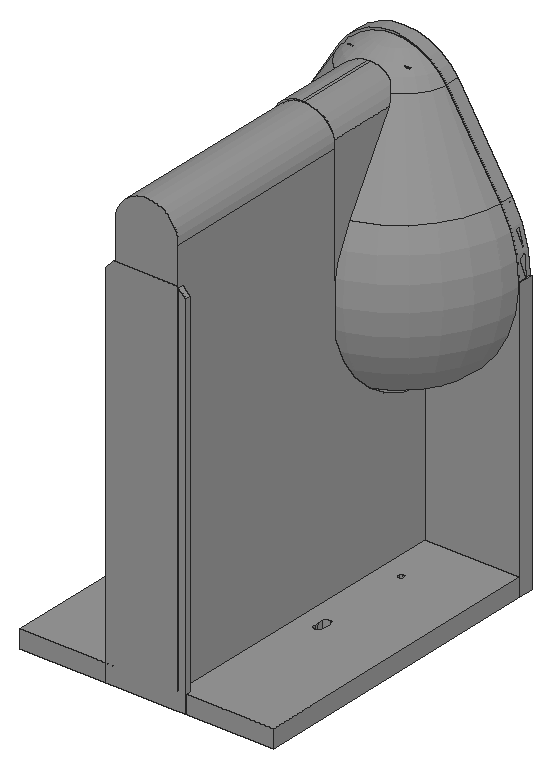
Revit family "Toilet-Willoughby-1490-ASETWS-FM-FA-BS-HC", category Plumbing Fixtures, Revit 2015
Parameters (values of type "Standard")
  Waste DIA = 2 3/8"
  Waste Connection = yes
  W-RAD [instance] = Waste DIA / 2  # 0' - 1 3/16"
  Vent Connection = no
  URL = "https://www.willoughby-ind.com/wp-content/uploads/2018/01/ASETWS-1490-FM-FA.pdf"
  Type Comments = ""
  Revision = "A"
  Model = "ASETWS-1490-FM-FA-BS-HC"
  Manufacturer = "Willoughby Industries"
  HW Connection = no
  Flush inlet DIA = 1 1/2"
  Flush Inlet Connection = yes
  Fixture Body = Stainless Steel AISI 304-Willoughby
  F-RAD [instance] = Flush inlet DIA / 2  # 0' - 0 3/4"
  Description = "Ligature resistant, Wall Outlet, Floor Mounted siphon jet Toilet, Front Access, Back Spud, Handicap Seat Height"
  Default Elevation = 0' - 0"
  Contact Number = "(800) 428-4065"
  CW Connection = no
Reference planes (in)
  plane 1 "Base": y = -16.25
  plane 2: z = 0
  plane 3 "Center": x = 18.31072
  plane 4 "ref": y = -4.75
  plane 5: y = -1.25
  plane 6: z = -6.75
  plane 7: y = -2.125
  plane 8: y = -14.0625
  plane 9: x = 16.56072
  plane 10: x = 20.06072
  plane 11: x = 11.56072
  plane 12: x = 25.06072
  plane 13: z = -3
  plane 14: z = 25
  plane 15 "Waste HGT": y = -10.75
  plane 16: y = -3.125
  plane 17: y = -19.25
Forms (in)
  Extrusion 1, solid, material "Stainless Steel AISI 304-Willoughby" <- "Fixture Body"
    sketch origin (16.08109, 7.47968, -7.1422) x (-1, 0, 0) y (0, 0, -1)
      loop
        line (4.79775, -22.86304) -> (4.83287, -22.86304) -> (4.83287, -7.1422) -> (-2.22963, -7.1422) -> (-9.29213, -7.1422) -> (-9.29213, -22.86304) -> (-9.20225, -22.86304)
        arc (-9.20225, -22.86304) -> (-8.94967, -24.72647) -> (-8.21015, -26.45542) r 7
        line (-8.21015, -26.45542) -> (-5.16818, -31.31054)
        arc (-5.16818, -31.31054) -> (-2.20225, -32.95225) -> (0.76368, -31.31054) r 3.5
        line (0.76368, -31.31054) -> (3.80565, -26.45542)
        arc (3.80565, -26.45542) -> (4.54517, -24.72647) -> (4.79775, -22.86304) r 7
      loop
        arc (2.03989, -24.70557) -> (-2.20225, -18.23804) -> (-6.44438, -24.70557) r 4.625
        line (-6.44438, -24.70557) -> (-4.04125, -30.23842)
        arc (-4.04125, -30.23842) -> (-2.20225, -31.45225) -> (-0.36324, -30.23842) r 2
        line (-0.36324, -30.23842) -> (2.03989, -24.70557)
    from 8.72968 to 9.5
  Revolve 2, solid, material "Stainless Steel AISI 304-Willoughby" <- "Fixture Body"
    sketch origin (19.37246, -1.52032, -3.93826) x (-1, 0, 0) y (0, 0, -1)
      loop
        line (1.06174, -12.59906) -> (1.06174, -12.84906)
        arc (1.06174, -12.84906) -> (6.96784, -16.33096) -> (6.78077, -23.18447) r 6.75
        line (6.78077, -23.18447) -> (3.81535, -27.91457)
        arc (3.81535, -27.91457) -> (2.63527, -29.03194) -> (1.06174, -29.43826) r 3.25
        line (1.06174, -29.43826) -> (1.06174, -29.68826)
        arc (1.06174, -29.68826) -> (2.75672, -29.25045) -> (4.02767, -28.04656) r 3.5
        line (4.02767, -28.04656) -> (7.06964, -23.19143)
        arc (7.06964, -23.19143) -> (7.15052, -16.14555) -> (1.06174, -12.59906) r 7
      axis (1.06174, -12.59906) -> (1.06174, -29.68826)
    angle from 0 to -180
  Extrusion 3, solid, material "Stainless Steel AISI 304-Willoughby" <- "Fixture Body"
    sketch origin (19.53334, -3.02032, -4.9508) x (0, 1, 0) y (0, 0, 1)
      loop
        line (-5.27082, 4.9508) -> (1, 4.9508) -> (1, 13.76086)
        arc (1, 13.76086) -> (-2.93256, 15.26109) -> (-5.27082, 18.76086) r 6.92744
        line (-5.27082, 18.76086) -> (-5.27082, 4.9508)
    from 0.52738 to -2.97262
  Extrusion 4, solid, material "Stainless Steel AISI 304-Willoughby" <- "Fixture Body"
    sketch origin (0, 8.59309, -3) x (1, 0, 0) y (0, 1, 0)
      loop
        circle (18.31072, -19.34309) r 1.1875
    from 5.5 to 0
  Extrusion 5, solid, material "Stainless Steel AISI 304-Willoughby" <- "Fixture Body"
    sketch origin (0, -3.625, 0) x (1, 0, 0) y (0, 1, 0)
      loop
        circle (18.31072, 0.5) r 0.75
    from 0 to 1
  Extrusion 6, solid, material "Stainless Steel AISI 304-Willoughby" <- "Fixture Body"
    sketch origin (0, -16.25, 0) x (1, 0, 0) y (0, 0, 1)
      loop
        line (18.31072, 0) -> (25.37322, 0) -> (25.37322, 1) -> (11.24822, 1) -> (11.24822, 0) -> (18.31072, 0)
    from -14.22968 to 3
  Extrusion 7, solid, material "Stainless Steel AISI 304-Willoughby" <- "Fixture Body"
    sketch origin (0, -16.25, 0) x (1, 0, 0) y (0, 0, 1)
      loop
        line (20.06072, 0) -> (20.06072, 23.28412)
        arc (20.06072, 23.28412) -> (18.31072, 25.03412) -> (16.56072, 23.28412) r 1.75
        line (16.56072, 23.28412) -> (16.56072, 0) -> (20.06072, 0)
    from 3 to -7.95886
  Extrusion 8, solid, material "Stainless Steel AISI 304-Willoughby" <- "Fixture Body"
    sketch origin (-0.06578, -16.25, 7) x (1, 0, 0) y (0, 0, 1)
      loop
        line (20.06072, -7) -> (20.56072, -7) -> (20.56072, 13.75) -> (20.06072, 14.25) -> (16.56072, 14.25) -> (16.06072, 13.75) -> (16.06072, -7) -> (16.56072, -7) -> (20.06072, -7)
    from 3 to 2.73663
  Extrusion 9, solid, material "Stainless Steel AISI 304-Willoughby" <- "Fixture Body"
    sketch origin (18.31072, 0, 0) x (0, 1, 0) y (0, 0, 1)
      loop
        line (-3.0438, 25.03193) -> (-8.29114, 25.03193) -> (-8.29114, 16.73622)
        arc (-8.29114, 16.73622) -> (-8.25839, 17.11069) -> (-8.16113, 17.47379) r 2.15729
        arc (-8.16113, 17.47379) -> (-7.78826, 18.37428) -> (-7.33828, 19.23882) r 11.16687
        arc (-7.33828, 19.23882) -> (-5.85557, 21.70663) -> (-4.28753, 24.12112) r 82.3759
        arc (-4.28753, 24.12112) -> (-3.71235, 24.64027) -> (-3.0438, 25.03193) r 3.79911
    from 1.75 to -1.75
  Extrusion 10, void
    sketch origin (0, -16.25, 0) x (1, 0, 0) y (0, 0, 1)
      loop
        arc (16.43207, 23.28193) -> (16.94463, 24.51936) -> (18.18207, 25.03193) r 1.75
        line (18.18207, 25.03193) -> (16.43207, 25.03193) -> (16.43207, 23.28193)
    from -7.95886 to -13.18331
  Extrusion 11, void
    sketch origin (0, -16.25, 0) x (1, 0, 0) y (0, 0, 1)
      loop
        arc (18.34313, 25.03193) -> (19.49966, 24.59853) -> (20.12234, 23.53193) r 1.84176
        line (20.12234, 23.53193) -> (20.12234, 25.03193) -> (18.34313, 25.03193)
    from -7.95886 to -13.18919
  Extrusion 12, void
    sketch origin (0, 0, 0) x (1, 0, 0) y (0, 1, 0)
      loop
        line (21.06072, -10.75) -> (21.06072, -11)
        arc (21.06072, -11) -> (21.31072, -11.25) -> (21.56072, -11) r 0.25
        line (21.56072, -11) -> (21.56072, -10.5)
        arc (21.56072, -10.5) -> (21.31072, -10.25) -> (21.06072, -10.5) r 0.25
        line (21.06072, -10.5) -> (21.06072, -10.75)
      loop
        circle (21.31072, -5.25) r 0.15625
      loop
        line (15.56072, -10.75) -> (15.56072, -10.5)
        arc (15.56072, -10.5) -> (15.31072, -10.25) -> (15.06072, -10.5) r 0.25
        line (15.06072, -10.5) -> (15.06072, -11)
        arc (15.06072, -11) -> (15.31072, -11.25) -> (15.56072, -11) r 0.25
        line (15.56072, -11) -> (15.56072, -10.75)
      loop
        circle (15.31072, -5.25) r 0.15625
    from 0 to 1.5
Cuts and joins
  Extrusion 12 cuts Extrusion 3
  Extrusion 12 cuts Extrusion 6
  Extrusion 12 cuts Extrusion 7
  joined: Extrusion 3, Extrusion 6, Extrusion 7
  Extrusion 10, Extrusion 11 cuts Extrusion 9
Lines and regions (in)
  symbolic lines
    curve 1: line (13.81072, -16.25, 0) -> (13.81072, -1.25, 0)
    curve 2: line (22.81072, -16.25, 0) -> (22.81072, -1.25, 0)
    curve 3: line (13.81072, -19.25, 0) -> (22.81072, -19.25, 0)
    curve 4: line (11.28334, -2.02032, 0) -> (11.28334, -1.25, 0)
    curve 5: line (11.28334, -1.25, 0) -> (25.28334, -1.25, 0)
    curve 6: line (25.28334, -1.25, 0) -> (25.28334, -2.02032, 0)
    curve 7: arc (25.28334, -2.02032, 0) -> (23.08185, -6.64916, 0) -> (18.31072, -8.52239, 0) r 6.97293
    curve 8: arc (18.31072, -8.52239, 0) -> (13.52793, -6.64299, 0) -> (11.28334, -2.02032, 0) r 7.06571
    curve 9: line (16.56072, -8.2982, 0) -> (16.56072, -19.25, 0)
    curve 10: line (20.06072, -19.25, 0) -> (20.06072, -8.30327, 0)
    curve 15: line (13.81072, -16.25, 0) -> (22.81072, -16.25, 0)
    curve 16: line (22.81072, -16.25, 0) -> (22.81072, -16.25, 1)
    curve 17: line (22.81072, -16.25, 1) -> (21.81072, -16.25, 1)
    curve 18: line (21.81072, -16.25, 0) -> (21.81072, -16.25, 9.67456)
    curve 19: line (14.78334, -16.25, 0) -> (14.78334, -16.25, 9.65867)
    curve 20: line (14.78334, -16.25, 1) -> (13.81072, -16.25, 1)
    curve 21: line (13.81072, -16.25, 1) -> (13.81072, -16.25, 0)
    curve 22: line (21.81072, -16.25, 5) -> (14.78334, -16.25, 5)
    curve 23: arc (21.81072, -16.25, 9.67456) -> (25.06245, -16.25, 13.97624) -> (24.29124, -16.25, 19.31322) r 7
    curve 24: line (24.29124, -16.25, 19.31322) -> (21.24927, -16.25, 24.16835)
    curve 25: arc (21.24927, -16.25, 24.16835) -> (19.98923, -16.25, 25.34792) -> (18.31072, -16.25, 25.75) r 3.37397
    curve 26: arc (18.31072, -16.25, 25.75) -> (16.62783, -16.25, 25.31163) -> (15.31741, -16.25, 24.16835) r 3.79331
    curve 27: line (15.31741, -16.25, 24.16835) -> (12.35249, -16.25, 19.43905)
    curve 28: arc (12.35249, -16.25, 19.43905) -> (11.49002, -16.25, 14.03241) -> (14.78334, -16.25, 9.65867) r 7
    curve 34: line (18.31072, -8.45513, 16.43593) -> (18.31072, -18.98663, 16.43593)
    curve 35: line (18.31072, -19.25, 16.5) -> (18.31072, -19.25, 0)
    curve 36: line (18.31072, -16.25, 0) -> (18.31072, 1.75, 0)
    curve 37: line (18.31072, -1.25, 5) -> (18.31072, -1.25, 25.81005)
    curve 38: line (18.31072, -1.25, 25.81005) -> (18.31072, -2.02032, 25.81005)
    curve 39: arc (18.31072, -2.02032, 25.81005) -> (18.31072, -3.17426, 25.3587) -> (18.31072, -4.14211, 24.58504) r 4.1253
    curve 40: line (18.31072, -4.14211, 24.58504) -> (18.31072, -7.52822, 19.25317)
    curve 41: arc (18.31072, -7.52822, 19.25317) -> (18.31072, -8.16721, 17.9023) -> (18.31072, -8.45513, 16.43593) r 6.04234
    curve 42: arc (18.31072, -8.45513, 16.43593) -> (18.31072, -8.2983, 15.12766) -> (18.31072, -8.29114, 13.81005) r 11.57712
    curve 43: arc (18.31072, -8.29114, 13.81005) -> (18.31072, -5.95289, 10.31029) -> (18.31072, -2.02032, 8.81005) r 6.92744
    curve 44: line (18.31072, -1.25, 9.65867) -> (18.31072, -2.02032, 9.65867)
    curve 45: line (18.31072, -2.02032, 9.65867) -> (18.31072, -2.02032, 1)
    curve 46: line (18.31072, -2.02032, 1) -> (18.31072, -19.25, 1)
  symbolic lines, detail levels medium+fine
    curve 11: line (20.06072, -19, 0) -> (20.56072, -19, 0)
    curve 12: line (20.56072, -19, 0) -> (20.56072, -19.25, 0)
    curve 13: line (16.49494, -18.98663, 0) -> (16.06072, -18.98663, 0)
    curve 14: line (16.06072, -18.98663, 0) -> (16.06072, -19.25, 0)
  symbolic lines, detail levels fine
    curve 29: arc (14.0412, -16.25, 17.56337) -> (18.28334, -16.25, 11.09585) -> (22.52547, -16.25, 17.56337) r 4.625
    curve 30: line (22.52547, -16.25, 17.56337) -> (20.12234, -16.25, 23.09622)
    curve 31: arc (20.12234, -16.25, 23.09622) -> (19.38317, -16.25, 23.97635) -> (18.28334, -16.25, 24.31005) r 2.01767
    curve 32: arc (18.28334, -16.25, 24.31005) -> (17.17969, -16.25, 23.98213) -> (16.44433, -16.25, 23.09622) r 1.9827
    curve 33: line (16.44433, -16.25, 23.09622) -> (14.0412, -16.25, 17.56337)
Dimensions and locks (in)
  locked: plane 1 "Base" to plane 5 at 15
  plane 14 to level = 2' - 1"
  plane 5 to plane 1 "Base" = 1' - 3"
  "W-RAD": radius of Extrusion 4 sketch curve
  "F-RAD": radius of Extrusion 5 sketch curve
  aligned and locked: plane 3 "Center" to Extrusion 4 sketch curve
  aligned and locked: plane 3 "Center" to Extrusion 5 sketch curve
  aligned and locked: Extrusion 7 to plane 17
Automatic sketch dimensions
  curve 23 to curve 28 = 0' - 0"  (x2)
  curve 23 to curve 29 = 0' - 0"  (x2)
  curve 28 to curve 29 = 0' - 0"  (x2)
  curve 21 to level = 0' - 0"
  curve 25 to plane 3 "Center" = 0' - 0"
  curve 26 to plane 3 "Center" = 0' - 0"
  curve 29 to plane 3 "Center" = 0' - 0.02738"
  curve 32 to plane 3 "Center" = 0' - 0.03882"
  curve 31 to curve 32 = 0' - 0.0002"
  curve 33 to plane 9 = 0' - 0.11639"
  curve 27 to plane 9 = 0' - 1.24331"
  curve 19 to plane 9 = 0' - 1.77738"
  plane 11 to curve 33 = 0' - 2 123/256"
  curve 15 to curve 19 = 0' - 0.97262"
  plane 11 to curve 27 = 0' - 0.79177"
  plane 3 "Center" to curve 25 = 0' - 0.07942"
  plane 3 "Center" to curve 26 = 0' - 0.08929"
  plane 10 to curve 30 = 0' - 0.06162"
  curve 24 to plane 14 = 0' - 0.83165"
  plane 10 to curve 24 = 0' - 1.18855"
  plane 10 to curve 18 = 0' - 1 3/4"
  plane 10 to curve 30 = 0' - 2.46475"
  curve 17 to curve 16 = 0' - 1"
  curve 24 to plane 12 = 0' - 0.76948"
  curve 15 to curve 16 = 0' - 1"
  curve 15 to curve 21 = 0' - 1"
  curve 20 to curve 19 = 0' - 8.65867"
  curve 19 to curve 18 = 0' - 0.01589"
  curve 19 to curve 28 = 0' - 6.06218"
  curve 33 to curve 27 = 0' - 1.87568"
  curve 26 to plane 14 = 0' - 3.04226"
  curve 31 to curve 25 = 0' - 0.08455"
  curve 31 to curve 32 = 0' - 0.03496"
  curve 33 to curve 26 = 0' - 1.07212"
  curve 30 to curve 24 = 0' - 1.07212"
  curve 17 to curve 22 = 0' - 4"
  Revolve 2 sketch curve to Revolve 2 sketch curve = 0' - 0"  (x2)
  Revolve 2 sketch curve to plane 3 "Center" = 0' - 0"  (x3)
  plane 3 "Center" to Revolve 2 sketch curve = 0' - 0"
  Revolve 2 sketch curve to plane 9 = 0' - 1.00361"
  Revolve 2 sketch curve to plane 14 = 0' - 0.8917"
  Revolve 2 sketch curve to Revolve 2 sketch curve = 0' - 0.21232"
  plane 11 to Revolve 2 sketch curve = 0' - 1.03097"
  Revolve 2 sketch curve to Revolve 2 sketch curve = 0' - 0.28887"
  plane 14 to Revolve 2 sketch curve = 0' - 0 1/2"
  Revolve 2 sketch curve to Revolve 2 sketch curve = 0' - 0 1/4"
  Revolve 2 sketch curve to Revolve 2 sketch curve = 0' - 0.13199"
  Revolve 2 sketch curve to Revolve 2 sketch curve = 0' - 4.85513"
  Revolve 2 sketch curve to Revolve 2 sketch curve = 0' - 0.00696"
  Revolve 2 sketch curve to Revolve 2 sketch curve = 0' - 6.5892"
  Revolve 2 sketch curve to Revolve 2 sketch curve = 0' - 3 1/4"
  Revolve 2 sketch curve to Revolve 2 sketch curve = 0' - 2.4108"
  Extrusion 3 sketch curve to level = 0' - 0"
  plane 4 "ref" to Extrusion 3 sketch curve = 0' - 3.54114"
  plane 7 to Extrusion 3 sketch curve = 0' - 0.10468"
  plane 5 to Extrusion 3 sketch curve = 0' - 0.38413"
  Extrusion 3 sketch curve to Extrusion 3 sketch curve = 0' - 8.81005"
  Extrusion 3 sketch curve to Extrusion 3 sketch curve = 0' - 5"
  Extrusion 7 sketch curve to level = 0' - 0"
  Extrusion 7 sketch curve to plane 9 = 0' - 0"
  Extrusion 7 sketch curve to plane 3 "Center" = 0' - 0"
  Extrusion 7 sketch curve to plane 14 = 0' - 1.71588"
  Extrusion 8 sketch curve to level = 0' - 0"
  Extrusion 8 sketch curve to plane 9 = 0' - 0.56578"
  Extrusion 8 sketch curve to plane 9 = 0' - 0.06578"  (x2)
  Extrusion 8 sketch curve to plane 10 = 0' - 0.06578"  (x2)
  plane 10 to Extrusion 8 sketch curve = 0' - 0.43422"
  Extrusion 8 sketch curve to plane 14 = 0' - 4 1/4"  (x2)
  Extrusion 8 sketch curve to Extrusion 8 sketch curve = 0' - 0 1/2"
  plane 14 to Extrusion 9 sketch curve = 0' - 0.03193"
  plane 4 "ref" to Extrusion 9 sketch curve = 0' - 3.54114"
  plane 4 "ref" to Extrusion 9 sketch curve = 0' - 1.38385"
  Extrusion 9 sketch curve to plane 7 = 0' - 0.9188"
  plane 5 to Extrusion 9 sketch curve = 0' - 0.21771"
  Extrusion 9 sketch curve to plane 6 = 1' - 3.19552"
  Extrusion 9 sketch curve to plane 14 = 0' - 11.34412"
  Extrusion 9 sketch curve to plane 14 = 0' - 8.26378"
  Extrusion 9 sketch curve to plane 14 = 0' - 3.42484"
  Extrusion 9 sketch curve to Extrusion 9 sketch curve = 0' - 0"  (x2)
  plane 14 to Extrusion 10 sketch curve = 0' - 0.03193"
  Extrusion 10 sketch curve to plane 9 = 0' - 0.12865"
  Extrusion 10 sketch curve to plane 3 "Center" = 0' - 0.12865"
  plane 3 "Center" to Extrusion 11 sketch curve = 0' - 0.0018"
  plane 14 to Extrusion 11 sketch curve = 0' - 0.03193"
  plane 10 to Extrusion 11 sketch curve = 0' - 0.06162"
  plane 3 "Center" to Extrusion 11 sketch curve = 0' - 0.03241"
  Extrusion 11 sketch curve to plane 14 = 0' - 1.46807"
  Extrusion 4 sketch curve to plane 15 "Waste HGT" = 0' - 0"
  Extrusion 5 sketch curve to plane 16 = 0' - 0"
  Extrusion 9 sketch curve to plane 5 = 0' - 3.58279"
  Extrusion 9 sketch curve to plane 5 = 5' - 5.25343"
  curve 35 to plane 17 = 0' - 0"
  curve 36 to level = 0' - 0"
  curve 36 to plane 1 "Base" = 0' - 0"
  curve 37 to plane 5 = 0' - 0"
  curve 35 to level = 0' - 0"
  curve 42 to plane 17 = 0' - 0.6029"
  plane 15 "Waste HGT" to curve 34 = 0' - 2.29487"
  plane 4 "ref" to curve 40 = 0' - 2.77822"
  curve 40 to plane 4 "ref" = 0' - 0.60789"
  curve 41 to plane 7 = 0' - 0.30255"
  plane 7 to curve 45 = 0' - 0.10468"
  plane 7 to curve 38 = 0' - 0.10468"
  plane 5 to curve 43 = 0' - 0.38413"
  curve 39 to plane 5 = 0' - 0.13839"
  level to curve 45 = 0' - 1"
  curve 45 to curve 44 = 0' - 8.65867"
  curve 42 to plane 14 = 0' - 10.59394"
  curve 44 to curve 43 = 0' - 6.06805"
  curve 43 to curve 41 = 0' - 0.28717"
  curve 41 to curve 34 = 0' - 0.42205"
  curve 39 to plane 14 = 0' - 3.21392"
  curve 40 to plane 14 = 0' - 0.41496"
  plane 17 to curve 34 = 0' - 0.26337"
  plane 15 "Waste HGT" to curve 42 = 0' - 2.45886"
  curve 36 to plane 5 = 0' - 3"
  curve 37 to curve 43 = 0' - 3.81005"
  curve 34 to curve 35 = 0' - 0.06407"
  plane 5 to curve 4 = 0' - 0"
  curve 3 to plane 17 = 0' - 0"
  plane 1 "Base" to curve 1 = 0' - 0"
  curve 9 to plane 9 = 0' - 0"
  curve 7 to plane 3 "Center" = 0' - 0"
  curve 8 to plane 3 "Center" = 0' - 0"
  curve 11 to plane 10 = 0' - 0"
  plane 1 "Base" to curve 2 = 0' - 0"
  curve 13 to plane 9 = 0' - 0 1/2"
  curve 5 to plane 11 = 0' - 0.27738"
  plane 3 "Center" to curve 7 = 0' - 0 1/64"
  plane 3 "Center" to curve 8 = 0' - 0.01581"
  plane 10 to curve 12 = 0' - 0 1/2"
  curve 8 to curve 5 = 0' - 6.9568"
  curve 12 to curve 11 = 0' - 0 1/4"
  plane 17 to curve 14 = 0' - 0.26337"
  plane 7 to curve 4 = 0' - 0.10468"
  plane 7 to curve 6 = 0' - 0.10468"
  curve 13 to plane 9 = 0' - 0.06578"
  plane 11 to curve 1 = 0' - 2 1/4"
  curve 3 to curve 14 = 0' - 2 1/4"
  curve 2 to plane 12 = 0' - 2 1/4"
  curve 3 to plane 12 = 0' - 2 1/4"
  Extrusion 1 sketch curve to Extrusion 1 sketch curve = 0' - 0"  (x6)
  Extrusion 1 sketch curve to level = 0' - 0"
  Extrusion 1 sketch curve to plane 3 "Center" = 0' - 0"
  plane 10 to Extrusion 1 sketch curve = 0' - 0.06162"
  plane 10 to Extrusion 1 sketch curve = 0' - 1.18855"
  plane 10 to Extrusion 1 sketch curve = 0' - 2.46475"
  Extrusion 1 sketch curve to plane 12 = 0' - 0.76948"
  plane 12 to Extrusion 1 sketch curve = 0' - 0.22262"
  plane 12 to Extrusion 1 sketch curve = 0' - 0 5/16"
  Extrusion 1 sketch curve to plane 3 "Center" = 0' - 0.02738"  (x2)
  Extrusion 1 sketch curve to plane 9 = 0' - 0.11639"
  Extrusion 1 sketch curve to plane 14 = 0' - 0.83165"
  Extrusion 1 sketch curve to plane 9 = 0' - 1.24331"
  plane 11 to Extrusion 1 sketch curve = 0' - 2 123/256"
  plane 11 to Extrusion 1 sketch curve = 0' - 0.71472"
  Extrusion 1 sketch curve to plane 11 = 0' - 0 5/16"
  Extrusion 1 sketch curve to Extrusion 1 sketch curve = 0' - 1.07212"
  Extrusion 1 sketch curve to Extrusion 1 sketch curve = 0' - 0.78617"
  Extrusion 1 sketch curve to Extrusion 1 sketch curve = 0' - 3.783"  (x2)
  Extrusion 1 sketch curve to Extrusion 1 sketch curve = 0' - 1.74985"
  Extrusion 6 sketch curve to level = 0' - 0"
  Extrusion 6 sketch curve to plane 3 "Center" = 0' - 0"
  Extrusion 6 sketch curve to plane 11 = 0' - 0 5/16"
  plane 12 to Extrusion 6 sketch curve = 0' - 0 5/16"
  level to Extrusion 6 sketch curve = 0' - 1"
  Extrusion 12 sketch curve to plane 15 "Waste HGT" = 0' - 0"  (x2)
  Extrusion 12 sketch curve to plane 15 "Waste HGT" = 0' - 0 1/4"  (x2)
  Extrusion 12 sketch curve to plane 9 = 0' - 1 1/2"
  plane 4 "ref" to Extrusion 12 sketch curve = 0' - 0 1/2"  (x2)
  Extrusion 12 sketch curve to plane 9 = 0' - 1 1/4"
  Extrusion 12 sketch curve to Extrusion 12 sketch curve = 0' - 0 1/4"  (x3)
  plane 10 to Extrusion 12 sketch curve = 0' - 1"
  plane 10 to Extrusion 12 sketch curve = 0' - 1 1/4"
  plane 15 "Waste HGT" to Extrusion 12 sketch curve = 0' - 0 1/4"
  radius of Extrusion 12 sketch curve = 0' - 0 5/32"  (x2)
Connectors (in)
  piping at (18.31072, -10.75, -3), diameter 2.375, driven by "W-RAD", driven by "Waste Connection"
    settings: on Extrusion 4, index 1, connector inside diameter 2 1/2", connector length 0' - 0", flow factor 0, pipe flow 0 GPM, pressure drop 0.00 psi, fitting loss kfactor 0, connector angle 0.00°, fixture units 0, engagement length 0' - 0", angle of deflection 0.00°, flow configuration 0, flow direction 2, fitting loss method 0, system type 16, joint type 0, gender type 0, connector reference index -1, connector utility 1, adjustable connector yes, is connector primary yes, connector description "Toilet Waste"
  piping at (18.31072, -3.125, 1), diameter 1.5, driven by "F-RAD", driven by "Flush Inlet Connection"
    settings: on Extrusion 5, index 2, connector inside diameter 1 1/2", connector length 0' - 0", flow factor 0, pipe flow 0 GPM, pressure drop 0.00 psi, fitting loss kfactor 0, connector angle 0.00°, fixture units 0, engagement length 0' - 0", angle of deflection 0.00°, flow configuration 0, flow direction 1, fitting loss method 0, system type 20, joint type 0, gender type 0, connector reference index -1, connector utility 1, adjustable connector no, is connector primary no, connector description "Flush Inlet"
